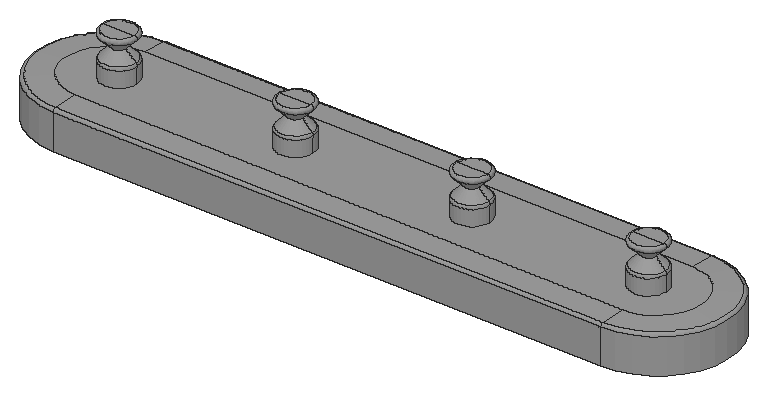
Revit family "HOTELLERIE MULTIPLE HOOK CHROME", category Generic Models, host Face, Revit 2020
Family settings
  Host = Face
  Can host rebar = No
  Round Connector Dimension = Use Diameter
  Part Type = Normal
  Cut with Voids When Loaded = No
  Shared = No
  Room Calculation Point = No
Parameters
  Youtube clip = ""
  Width (mm) = 40 mm
  Weight Net (kg) = ""
  Uniclass 2.0 Description = "Clothes Hooks"
  Uniclass 2.0 Code = "PR-35-75-18"
  Uniclass 1.4 Description = "Bathroom, toilet furniture..."
  Uniclass 1.4 Code = "L824"
  URL = "http://gedy-fi.bimobject.com/LG21281300000"
  UNSPC code = 56
  UNSPC Category = "Furniture and Furnishings"
  Thickness (mm) = 11 mm
  Technical description = ""
  Product identifier = ""
  Product group = "Hotell"
  Product family = "Gedy"
  Product data url = "http://www.gedy.com/prodotto.aspx?product=2016"
  Product certification = ""
  Product SKU = "LG21281300000"
  Name of the object = "HOTELLERIE MULTIPLE HOOK CHROME"
  NBS Reference Description = "Clothes Hooks"
  NBS Reference = "35-75-18"
  Model = "HOTELLERIE MULTIPLE HOOK CHROME"
  Material main = Chrome
  Manufacturer country = "Italy"
  Manufacturer URL = "http://www.laattapiste.fi/tuotteet/?product=LG21281300000"
  Manufacturer = "Gedy-FI"
  Length (mm) = 195 mm
  Installation instructions = ""
  IFC Classification = "Furnishing Element"
  Edition number = "1"
  EAN code = ""
  Design country = "Italy"
  Depth (mm) = 33 mm
  Default Elevation = 1000 mm
  Date of publishing = ""
  COBIe Type Category = ""
  BIMobject QR code url = "http://gedy-fi.bimobject.com/LG21281300000"
  BIMobject Category = "Furniture"
  Article Number = "LG21281300000"
Reference planes
  plane 1 "Center (Front/Back)": y = 0
  plane 2: z = 0
  plane 3 "Center (Left/Right)": x = 0
  plane 4: x = -97.5
  plane 5: x = 97.5
  plane 6: y = 20
  plane 7: y = -20
  plane 8: z = 11
  plane 9: x = -85
  plane 10: x = 85
  plane 11: x = -25
  plane 12: x = 25
  plane 13: z = 23
  plane 14: x = -75
  plane 15: x = 75
Forms (mm)
  Extrusion 1, solid, material "Chrome" <- "Material main"
    sketch origin (0, 0, 0) x (1, 0, 0) y (0, 1, 0)
      loop
        arc (-77.5, 20) -> (-97.5, 0) -> (-77.5, -20) r 20
        line (-77.5, -20) -> (77.5, -20)
        arc (77.5, -20) -> (97.5, 0) -> (77.5, 20) r 20
        line (77.5, 20) -> (-77.5, 20)
    from 0 to 11
  Revolve 2, solid, material "Chrome" <- "Material main"
    sketch origin (0, 0, 0) x (1, 0, 0) y (0, 0, 1)
      loop
        line (-75, 11) -> (-75, 23) -> (-79.348, 23)
        arc (-79.348, 23) -> (-79.96, 22.505) -> (-79.783, 21.738) r 0.743
        line (-79.783, 21.738) -> (-76.936, 18.89) -> (-79.695, 16.131)
        arc (-79.695, 16.131) -> (-79.932, 15.766) -> (-80, 15.336) r 1.047
        line (-80, 15.336) -> (-80, 11) -> (-75, 11)
      axis (-75, 23) -> (-75, 11)
    angle from 0 to 360
  Revolve 3, solid, material "Chrome" <- "Material main"
    sketch origin (50, 0, 0) x (1, 0, 0) y (0, 0, 1)
      loop
        line (-75, 11) -> (-75, 23) -> (-79.348, 23)
        arc (-79.348, 23) -> (-79.96, 22.505) -> (-79.783, 21.738) r 0.743
        line (-79.783, 21.738) -> (-76.936, 18.89) -> (-79.695, 16.131)
        arc (-79.695, 16.131) -> (-79.932, 15.766) -> (-80, 15.336) r 1.047
        line (-80, 15.336) -> (-80, 11) -> (-75, 11)
      axis (-75, 23) -> (-75, 11)
    angle from 0 to 360
  Revolve 4, solid, material "Chrome" <- "Material main"
    sketch origin (100, 0, 0) x (1, 0, 0) y (0, 0, 1)
      loop
        line (-75, 11) -> (-75, 23) -> (-79.348, 23)
        arc (-79.348, 23) -> (-79.96, 22.505) -> (-79.783, 21.738) r 0.743
        line (-79.783, 21.738) -> (-76.936, 18.89) -> (-79.695, 16.131)
        arc (-79.695, 16.131) -> (-79.932, 15.766) -> (-80, 15.336) r 1.047
        line (-80, 15.336) -> (-80, 11) -> (-75, 11)
      axis (-75, 23) -> (-75, 11)
    angle from 0 to 360
  Revolve 5, solid, material "Chrome" <- "Material main"
    sketch origin (150, 0, 0) x (1, 0, 0) y (0, 0, 1)
      loop
        line (-75, 11) -> (-75, 23) -> (-79.348, 23)
        arc (-79.348, 23) -> (-79.96, 22.505) -> (-79.783, 21.738) r 0.743
        line (-79.783, 21.738) -> (-76.936, 18.89) -> (-79.695, 16.131)
        arc (-79.695, 16.131) -> (-79.932, 15.766) -> (-80, 15.336) r 1.047
        line (-80, 15.336) -> (-80, 11) -> (-75, 11)
      axis (-75, 23) -> (-75, 11)
    angle from 0 to 360
  Sweep 6, void
    path in 3D
      loop
        arc (-77.5, 20, 11) -> (-97.5, 0, 11) -> (-77.5, -20, 11) r 20
        line (-77.5, -20, 11) -> (77.5, -20, 11)
        arc (77.5, -20, 11) -> (97.5, 0, 11) -> (77.5, 20, 11) r 20
        line (77.5, 20, 11) -> (-77.5, 20, 11)
    profile origin (0, 20, 11) x (0, -1, 0) y (0, 0, 1)
      loop
        line (0, 0) -> (0, -1.106)
        arc (0, -1.106) -> (0.281, -0.557) -> (0.836, -0.287) r 0.972
        line (0.836, -0.287) -> (7.676, 0) -> (0, 0)
Cuts and joins
  Sweep 6 cuts Extrusion 1
Lines and regions (mm)
  sketch lines
    curve 1: line (77.5, 20, 11) -> (-77.5, 20, 11)
    curve 2: arc (-77.5, -20, 11) -> (-97.5, 0, 11) -> (-77.5, 20, 11) r 20
    curve 3: line (-77.5, -20, 11) -> (77.5, -20, 11)
    curve 4: arc (77.5, 20, 11) -> (97.5, 0, 11) -> (77.5, -20, 11) r 20
  symbolic lines
    curve 5: line (-70, 0, 15.336) -> (-80, 0, 15.336)
    curve 6: line (-73.064, 0, 18.89) -> (-76.936, 0, 18.89)
    curve 7: line (-79.348, 0, 23) -> (-70.652, 0, 23)
    curve 8: arc (-79.348, 0, 23) -> (-79.966, 0, 22.507) -> (-79.783, 0, 21.738) r 0.738
    curve 9: line (-79.783, 0, 21.738) -> (-76.936, 0, 18.89)
    curve 10: line (-76.936, 0, 18.89) -> (-79.691, 0, 16.136)
    curve 11: arc (-79.691, 0, 16.136) -> (-79.93, 0, 15.769) -> (-80, 0, 15.336) r 1.061
    curve 12: line (-80, 0, 15.336) -> (-80, 0, 11)
    curve 13: arc (-70.652, 0, 23) -> (-70.034, 0, 22.507) -> (-70.217, 0, 21.738) r 0.738
    curve 14: line (-70.217, 0, 21.738) -> (-73.064, 0, 18.89)
    curve 15: line (-73.064, 0, 18.89) -> (-70.309, 0, 16.136)
    curve 16: arc (-70.309, 0, 16.136) -> (-70.07, 0, 15.769) -> (-70, 0, 15.336) r 1.061
    curve 17: line (-70, 0, 15.336) -> (-70, 0, 11)
    curve 18: line (-80, 0, 11) -> (-70, 0, 11)
    curve 19: line (-20, 0, 15.336) -> (-30, 0, 15.336)
    curve 20: line (-23.064, 0, 18.89) -> (-26.936, 0, 18.89)
    curve 21: line (-29.348, 0, 23) -> (-20.652, 0, 23)
    curve 22: arc (-29.348, 0, 23) -> (-29.966, 0, 22.507) -> (-29.783, 0, 21.738) r 0.738
    curve 23: line (-29.783, 0, 21.738) -> (-26.936, 0, 18.89)
    curve 24: line (-26.936, 0, 18.89) -> (-29.691, 0, 16.136)
    curve 25: arc (-29.691, 0, 16.136) -> (-29.93, 0, 15.769) -> (-30, 0, 15.336) r 1.061
    curve 26: line (-30, 0, 15.336) -> (-30, 0, 11)
    curve 27: arc (-20.652, 0, 23) -> (-20.034, 0, 22.507) -> (-20.217, 0, 21.738) r 0.738
    curve 28: line (-20.217, 0, 21.738) -> (-23.064, 0, 18.89)
    curve 29: line (-23.064, 0, 18.89) -> (-20.309, 0, 16.136)
    curve 30: arc (-20.309, 0, 16.136) -> (-20.07, 0, 15.769) -> (-20, 0, 15.336) r 1.061
    curve 31: line (-20, 0, 15.336) -> (-20, 0, 11)
    curve 32: line (30, 0, 15.336) -> (20, 0, 15.336)
    curve 33: line (26.936, 0, 18.89) -> (23.064, 0, 18.89)
    curve 34: line (20.652, 0, 23) -> (29.348, 0, 23)
    curve 35: arc (20.652, 0, 23) -> (20.034, 0, 22.507) -> (20.217, 0, 21.738) r 0.738
    curve 36: line (20.217, 0, 21.738) -> (23.064, 0, 18.89)
    curve 37: line (23.064, 0, 18.89) -> (20.309, 0, 16.136)
    curve 38: arc (20.309, 0, 16.136) -> (20.07, 0, 15.769) -> (20, 0, 15.336) r 1.061
    curve 39: line (20, 0, 15.336) -> (20, 0, 11)
    curve 40: arc (29.348, 0, 23) -> (29.966, 0, 22.507) -> (29.783, 0, 21.738) r 0.738
    curve 41: line (29.783, 0, 21.738) -> (26.936, 0, 18.89)
    curve 42: line (26.936, 0, 18.89) -> (29.691, 0, 16.136)
    curve 43: arc (29.691, 0, 16.136) -> (29.93, 0, 15.769) -> (30, 0, 15.336) r 1.061
    curve 44: line (30, 0, 15.336) -> (30, 0, 11)
    curve 45: line (80, 0, 15.336) -> (70, 0, 15.336)
    curve 46: line (76.936, 0, 18.89) -> (73.064, 0, 18.89)
    curve 47: line (70.652, 0, 23) -> (79.348, 0, 23)
    curve 48: arc (70.652, 0, 23) -> (70.034, 0, 22.507) -> (70.217, 0, 21.738) r 0.738
    curve 49: line (70.217, 0, 21.738) -> (73.064, 0, 18.89)
    curve 50: line (73.064, 0, 18.89) -> (70.309, 0, 16.136)
    curve 51: arc (70.309, 0, 16.136) -> (70.07, 0, 15.769) -> (70, 0, 15.336) r 1.061
    curve 52: line (70, 0, 15.336) -> (70, 0, 11)
    curve 53: arc (79.348, 0, 23) -> (79.966, 0, 22.507) -> (79.783, 0, 21.738) r 0.738
    curve 54: line (79.783, 0, 21.738) -> (76.936, 0, 18.89)
    curve 55: line (76.936, 0, 18.89) -> (79.691, 0, 16.136)
    curve 56: arc (79.691, 0, 16.136) -> (79.93, 0, 15.769) -> (80, 0, 15.336) r 1.061
    curve 57: line (80, 0, 15.336) -> (80, 0, 11)
    curve 58: line (-97.5, 0, 0) -> (-97.5, 0, 9.894)
    curve 59: arc (-97.5, 0, 9.894) -> (-97.26, 0, 10.473) -> (-96.681, 0, 10.713) r 0.819
    curve 60: line (-96.681, 0, 10.713) -> (-89.824, 0, 11)
    curve 61: line (-96.681, 0, 10.713) -> (96.681, 0, 10.713)
    curve 62: line (97.5, 0, 0) -> (97.5, 0, 9.894)
    curve 63: arc (97.5, 0, 9.894) -> (97.26, 0, 10.473) -> (96.681, 0, 10.713) r 0.819
    curve 64: line (96.681, 0, 10.713) -> (89.824, 0, 11)
    curve 65: line (97.5, 0, 9.894) -> (-97.5, 0, 9.894)
    curve 66: line (-97.5, 0, 0) -> (97.5, 0, 0)
    curve 67: line (-89.824, 0, 11) -> (89.824, 0, 11)
Dimensions and locks
  equal spacing: plane 6, plane 1 "Center (Front/Back)", plane 7
  equal spacing: plane 4, plane 3 "Center (Left/Right)", plane 5
  "Length (mm)": plane 4 to plane 5
  "Width (mm)": plane 6 to plane 7
  "Thickness (mm)": plane 8 to level
  locked: plane 13 to plane 8 at 12
  locked: plane 9 to plane 14 at 10
  locked: plane 15 to plane 10 at 10
  equal spacing: plane 14, plane 11, plane 12, plane 15
  aligned and locked: plane 2 to host face
  aligned and locked: level to host face
  aligned and locked: Extrusion 1 sketch curve to plane 6
  aligned and locked: Extrusion 1 sketch curve to plane 7
  aligned and locked: plane 8 to Extrusion 1
  aligned and locked: Extrusion 1 to level
  aligned and locked: plane 6 to Extrusion 1
  aligned and locked: Extrusion 1 to plane 7
  aligned and locked: plane 13 to Revolve 2 sketch curve
  aligned and locked: plane 14 to Revolve 2 sketch curve
  aligned and locked: plane 8 to Revolve 2 sketch curve
  aligned and locked: Revolve 2 sketch curve to plane 14
  aligned and locked: plane 13 to Revolve 3 sketch curve
  aligned and locked: Revolve 3 sketch curve to plane 11
  aligned and locked: plane 11 to Revolve 3 sketch curve
  aligned and locked: Extrusion 1 to Revolve 3 sketch curve
  aligned and locked: plane 13 to Revolve 4 sketch curve
  aligned and locked: Revolve 4 sketch curve to plane 12
  aligned and locked: Extrusion 1 to Revolve 4 sketch curve
  aligned and locked: plane 12 to Revolve 4 sketch curve
  aligned and locked: plane 13 to Revolve 5 sketch curve
  aligned and locked: plane 15 to Revolve 5 sketch curve
  aligned and locked: Revolve 5 sketch curve to plane 15
  aligned and locked: Extrusion 1 to Revolve 5 sketch curve
Automatic sketch dimensions
  host sketch curve to host sketch curve = 246.885 mm
  host sketch curve to host sketch curve = 109.084 mm
  Extrusion 1 sketch curve to plane 15 = 2.5 mm
  plane 9 to Extrusion 1 sketch curve = 7.5 mm
  plane 9 to Revolve 2 sketch curve = 5 mm
  plane 8 to Revolve 2 sketch curve = 4.336 mm
  Revolve 2 sketch curve to plane 13 = 1.262 mm
  Revolve 2 sketch curve to plane 14 = 4.783 mm
  Revolve 2 sketch curve to Revolve 2 sketch curve = 0.305 mm
  Revolve 2 sketch curve to Revolve 2 sketch curve = 0.435 mm
  Revolve 2 sketch curve to plane 14 = 1.936 mm
  Revolve 2 sketch curve to plane 13 = 0.737 mm
  Revolve 2 sketch curve to Revolve 2 sketch curve = 1.046 mm
  Revolve 2 sketch curve to Revolve 2 sketch curve = 0.795 mm
  level to Revolve 2 sketch curve = 0.263 mm
  plane 13 to Revolve 2 sketch curve = 2.569 mm
  Revolve 3 sketch curve to plane 11 = 5 mm
  plane 8 to Revolve 3 sketch curve = 4.336 mm
  Revolve 3 sketch curve to plane 13 = 1.262 mm
  Revolve 3 sketch curve to plane 11 = 4.783 mm
  Revolve 3 sketch curve to Revolve 3 sketch curve = 0.305 mm
  Revolve 3 sketch curve to Revolve 3 sketch curve = 0.435 mm
  Revolve 3 sketch curve to plane 11 = 1.936 mm
  Revolve 3 sketch curve to plane 13 = 0.737 mm
  Revolve 3 sketch curve to Revolve 3 sketch curve = 0.74 mm
  Revolve 3 sketch curve to Revolve 3 sketch curve = 0.795 mm
  level to Revolve 3 sketch curve = 0.263 mm
  plane 13 to Revolve 3 sketch curve = 2.569 mm
  Revolve 4 sketch curve to plane 12 = 5 mm
  plane 8 to Revolve 4 sketch curve = 4.336 mm
  Revolve 4 sketch curve to plane 13 = 1.262 mm
  Revolve 4 sketch curve to plane 12 = 4.783 mm
  Revolve 4 sketch curve to Revolve 4 sketch curve = 0.305 mm
  Revolve 4 sketch curve to Revolve 4 sketch curve = 0.435 mm
  Revolve 4 sketch curve to plane 12 = 1.936 mm
  Revolve 4 sketch curve to plane 13 = 0.737 mm
  Revolve 4 sketch curve to Revolve 4 sketch curve = 0.74 mm
  Revolve 4 sketch curve to Revolve 4 sketch curve = 0.795 mm
  level to Revolve 4 sketch curve = 0.263 mm
  plane 13 to Revolve 4 sketch curve = 2.569 mm
  plane 15 to Revolve 5 sketch curve = 5 mm
  plane 8 to Revolve 5 sketch curve = 4.336 mm
  Revolve 5 sketch curve to plane 13 = 1.262 mm
  plane 15 to Revolve 5 sketch curve = 4.783 mm
  Revolve 5 sketch curve to Revolve 5 sketch curve = 0.305 mm
  Revolve 5 sketch curve to Revolve 5 sketch curve = 0.435 mm
  plane 15 to Revolve 5 sketch curve = 1.936 mm
  Revolve 5 sketch curve to plane 13 = 0.737 mm
  Revolve 5 sketch curve to Revolve 5 sketch curve = 1.046 mm
  Revolve 5 sketch curve to Revolve 5 sketch curve = 0.795 mm
  level to Revolve 5 sketch curve = 0.263 mm
  plane 13 to Revolve 5 sketch curve = 2.569 mm
  Sweep 6 sketch curve to profile plane = 0 mm  (x2)
  Sweep 6 sketch curve to profile plane = 1.106 mm
  Sweep 6 sketch curve to profile plane = 0.287 mm
  Sweep 6 sketch curve to profile plane = 0.836 mm
  Sweep 6 sketch curve to Sweep 6 sketch curve = 6.84 mm
  Sweep 6 sketch curve to profile plane = 0.962 mm
  curve 65 to plane 4 = 0 mm
  curve 12 to plane 8 = 0 mm
  curve 7 to plane 13 = 0 mm
  curve 26 to plane 8 = 0 mm
  curve 21 to plane 13 = 0 mm
  curve 34 to plane 13 = 0 mm
  curve 47 to plane 13 = 0 mm
  curve 66 to level = 0 mm
  curve 66 to plane 5 = 0 mm
  curve 65 to plane 8 = 1.106 mm
  curve 60 to plane 8 = 0.287 mm
  curve 67 to plane 9 = 4.824 mm
  plane 9 to curve 5 = 5 mm
  curve 9 to plane 13 = 1.262 mm
  curve 9 to plane 14 = 4.783 mm
  curve 11 to curve 10 = 0.309 mm
  curve 8 to curve 7 = 0.435 mm
  curve 6 to plane 14 = 1.936 mm
  plane 14 to curve 15 = 1.936 mm
  plane 14 to curve 7 = 4.348 mm
  curve 6 to curve 15 = 2.755 mm
  curve 14 to plane 13 = 1.262 mm
  curve 7 to curve 14 = 0.435 mm
  curve 15 to curve 5 = 0.309 mm
  curve 26 to plane 11 = 5 mm
  curve 23 to plane 13 = 1.262 mm
  curve 23 to plane 11 = 4.783 mm
  curve 25 to curve 24 = 0.309 mm
  curve 22 to curve 21 = 0.435 mm
  curve 20 to plane 11 = 1.936 mm
  plane 11 to curve 28 = 1.936 mm
  plane 11 to curve 21 = 4.348 mm
  curve 20 to curve 29 = 2.755 mm
  curve 28 to plane 13 = 1.262 mm
  curve 21 to curve 28 = 0.435 mm
  curve 39 to plane 12 = 5 mm
  curve 36 to plane 13 = 1.262 mm
  curve 36 to plane 12 = 4.783 mm
  curve 38 to curve 37 = 0.309 mm
  curve 35 to curve 34 = 0.435 mm
  curve 33 to plane 12 = 1.936 mm
  plane 12 to curve 41 = 1.936 mm
  plane 12 to curve 34 = 4.348 mm
  curve 33 to curve 42 = 2.755 mm
  curve 41 to plane 13 = 1.262 mm
  curve 34 to curve 41 = 0.435 mm
  curve 49 to plane 13 = 1.262 mm
  plane 15 to curve 49 = 4.783 mm
  curve 51 to curve 50 = 0.309 mm
  curve 48 to curve 47 = 0.435 mm
  plane 15 to curve 50 = 1.936 mm
  curve 46 to plane 15 = 1.936 mm
  curve 47 to plane 15 = 4.348 mm
  curve 46 to curve 55 = 2.755 mm
  curve 54 to plane 13 = 1.262 mm
  curve 47 to curve 54 = 0.435 mm
  curve 8 to plane 13 = 0.734 mm
  curve 11 to curve 11 = 1.059 mm
  curve 16 to curve 15 = 0.75 mm
  curve 13 to plane 13 = 0.734 mm
  curve 22 to plane 13 = 0.734 mm
  curve 24 to curve 25 = 0.75 mm
  curve 30 to curve 29 = 0.75 mm
  curve 27 to plane 13 = 0.734 mm
  curve 35 to plane 13 = 0.734 mm
  curve 38 to curve 38 = 1.059 mm
  curve 43 to curve 43 = 1.059 mm
  curve 40 to plane 13 = 0.734 mm
  curve 48 to plane 13 = 0.734 mm
  curve 50 to curve 51 = 0.75 mm
  curve 56 to curve 55 = 0.75 mm
  curve 53 to plane 13 = 0.734 mm
  curve 67 to plane 10 = 4.824 mm
  curve 17 to curve 17 = 4.336 mm
  curve 31 to curve 19 = 4.336 mm
  curve 44 to curve 32 = 4.336 mm
  curve 57 to curve 57 = 4.336 mm
  curve 51 to curve 50 = 0.799 mm
  curve 43 to curve 42 = 0.799 mm
  curve 25 to curve 24 = 0.799 mm
  curve 11 to curve 10 = 0.799 mm
  plane 3 "Center (Left/Right)" to curve 45 = 70 mm
  curve 56 to curve 57 = 1.059 mm
  plane 12 to curve 32 = 5 mm
  plane 11 to curve 31 = 5 mm
